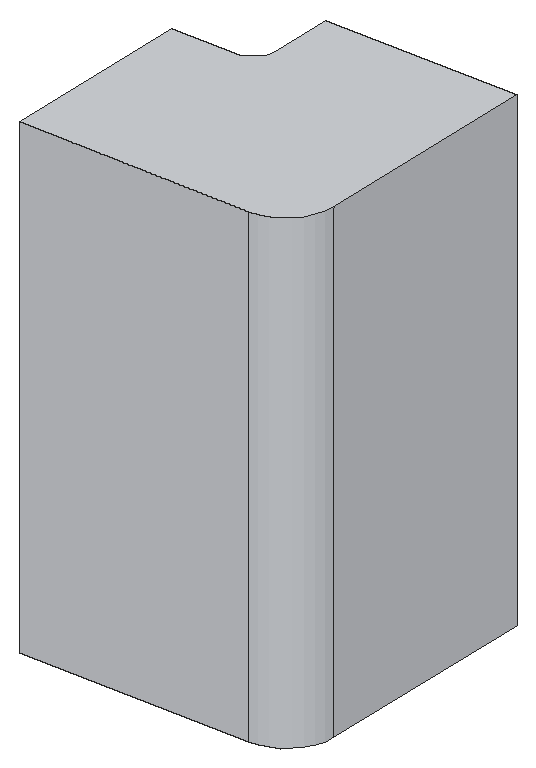
Revit family "KNS_KK_Поворот парапетный изм верт_IEK", category Соединительные детали воздуховодов, Revit 2019
Family settings
  Размер круглого соединителя = Использовать диаметр
  Тип детали = Отвод
  На основе рабочей плоскости = Нет
  Всегда вертикально = Нет
  При загрузке вырезать с полостями = Нет
  Общий = Нет
Parameters (values of type "Внешний")
  Ширина воздуховода [instance] = 40 mm
  Угол поворота = 90.00°
  Толщина [instance] = 0 mm
  Cost = 0
  Description = ""
  Изготовитель = "IEK"  # constant formula
  Длина вылета = 9 mm
  Длина от центра [instance] = (Ширина воздуховода / 2) * tan(Угол поворота / 2) + Длина вылета * tan(Угол поворота / 2) + Длина вылета  # 38 mm
  Model = ""
  Высота воздуховода [instance] = 100 mm
  URL = "https://www.iek.ru/"
  KSI_CPr_Строительные изделия = "20.2.05.06"  # constant formula
  KSI_CMa_Строительные материалы = "01.07.14"  # constant formula
  IEK_Цена с НДС [instance] = size_lookup("IEK_Поворот парапетный изменяемый вертикальный 80-100гр", "Cost", "Неправильный размер", Ширина воздуховода, Высота воздуховода, IEK_Цвет)  # "Неправильный размер"
  IEK_Цвет [instance] = "Белый"
  IEK_Срок службы = "25 лет"  # constant formula
  IEK_Поиск в таблице имен = ""
  IEK_Описание = "Поворот 90° КМП служит для соединения двух кабель-каналов одинакового типоразмера под углом 90°."
  IEK_Монтажная температура = "-15...+60 °C"  # constant formula
  IEK_Гарантийный срок = "2 года"  # constant formula
  IEK_URL [instance] = size_lookup("IEK_Поворот парапетный изменяемый вертикальный 80-100гр", "Link", "Неправильный размер", Ширина воздуховода, Высота воздуховода, IEK_Цвет)  # "Неправильный размер"
  IEK_ID [instance] = size_lookup("IEK_Поворот парапетный изменяемый вертикальный 80-100гр", "ID", "Неправильный размер", Ширина воздуховода, Высота воздуховода, IEK_Цвет)  # "Неправильный размер"
  H2 [instance] = (Ширина воздуховода / 2)  # 20 mm
  ADSK_Примечание = ""
  ADSK_Позиция = ""
  ADSK_Обозначение = "ТУ 27.33.14-004-83135016-2017"  # constant formula
  ADSK_Наименование [instance] = size_lookup("IEK_Поворот парапетный изменяемый вертикальный 80-100гр", "Name", "Неправильный размер", Ширина воздуховода, Высота воздуховода, IEK_Цвет)  # "Неправильный размер"
  ADSK_Материал обозначение = "Пластик"  # constant formula
  ADSK_Материал наименование = "ПВХ (PVC)"  # constant formula
  ADSK_Материал [instance] = none
  ADSK_Масса_Текст = ""
  ADSK_Масса [instance] = 0
  ADSK_Марка = "ПРАЙМЕР"  # constant formula
  ADSK_Код изделия [instance] = size_lookup("IEK_Поворот парапетный изменяемый вертикальный 80-100гр", "Code", "Неправильный размер", Ширина воздуховода, Высота воздуховода, IEK_Цвет)  # "Неправильный размер"
  ADSK_Завод-изготовитель = "IEK"  # constant formula
  ADSK_Единица измерения = "шт"  # constant formula
  ADSK_Группирование = "Кабельные короба"
  ADSK_Версия семейства = "1.1"  # constant formula
  ADSK_Версия Revit = "2019"  # constant formula
  ADSK_URL страницы изделия [instance] = "https://www.iek.ru/products/catalog/sistemy_dlya_prokladki_kabelya/kabel_kanaly_i_aksessuary/kabel_kanaly_magistralnye_belye_i_aksessuary/aksessuary_dlya_magistralnykh_kabel_kanalov_belye/povorot_na_90_gr_kmp_belyy/"
  ADSK_URL документации изделия = "https://www.iek.ru/upload/pictures/katalogi/ru_ru/5-catalog_kabeln_syst.pdf"
Reference planes
  plane 1 "По центру (Вперед/Назад)": y = 0
  plane 2: z = 0
  plane 3 "По центру (Влево/Вправо)": x = 0
  plane 4: y = 20
  plane 5: y = -20
  plane 6: z = 50
  plane 7: z = -50
  plane 8: x = -38
  plane 9: z = -51.7
  plane 10: z = 51.7
  plane 11: x = 20
Forms (mm)
  Sweep 1, solid, detail levels medium
    path in 3D
      loop
        line (-38, 0, 0) -> (0, 0, 0) -> (0, 38, 0)
    profile origin (-19, 0, 0) x (0, 1, 0) y (0, 0, 1)
      loop
        line (20, 50) -> (-20, 50) -> (-20, -50) -> (20, -50) -> (20, 50)
  Extrusion 2, solid, detail levels fine
    sketch origin (0, 0, 0) x (1, 0, 0) y (0, 1, 0)
      loop
        line (-38, 20) -> (-38, -20) -> (10, -20)
        arc (10, -20) -> (17.071, -17.071) -> (20, -10) r 10
        line (20, -10) -> (20, 38) -> (-20, 38) -> (-20, 25)
        arc (-20, 25) -> (-21.464, 21.464) -> (-25, 20) r 5
        line (-25, 20) -> (-38, 20)
    from -50 to 50
Lines and regions (mm)
  model lines, detail levels medium+fine
    curve 1: line (-38, 0, 0) -> (0, 0, 0)
    curve 2: line (0, 0, 0) -> (0, 38, 0)
  sketch lines
    curve 3: line (-38, 0, 0) -> (0, 0, 0)
    curve 4: line (0, 0, 0) -> (0, 38, 0)
  model lines, detail levels coarse
    curve 5: line (-38, 0, 0) -> (0, 0, 0)
    curve 6: line (0, 0, 0) -> (0, 38, 0)
Dimensions and locks
  equal spacing: plane 4, plane 1 "По центру (Вперед/Назад)", plane 5
  "Ширина воздуховода": plane 4 to plane 5
  equal spacing: plane 7, level, plane 6
  "Высота воздуховода": plane 7 to plane 6
  "Длина от центра": plane 8 to plane 3 "По центру (Влево/Вправо)"
  "Длина от центра": curve 2 to curve 2
  "Длина от центра": curve 5 to curve 5
  locked: plane 7 to plane 9 at 1.7
  locked: plane 10 to plane 6 at 1.7
  "H2": plane 3 "По центру (Влево/Вправо)" to plane 11
  "Угол поворота": angle plane 1 "По центру (Вперед/Назад)" to curve 2
  aligned and locked: level to plane 2
  aligned and locked: plane 6 to Sweep 1 sketch curve
  aligned and locked: plane 4 to Sweep 1 sketch curve
  aligned and locked: Sweep 1 sketch curve to plane 5
  aligned and locked: Sweep 1 sketch curve to plane 7
  aligned and locked: Extrusion 2 sketch curve to curve 1
  aligned and locked: Extrusion 2 sketch curve to plane 4
  aligned and locked: Extrusion 2 sketch curve to Sweep 1  (x2)
  aligned and locked: Extrusion 2 to plane 5
  aligned and locked: Extrusion 2 to plane 11
  aligned and locked: Extrusion 2 to plane 7
  aligned and locked: plane 6 to Extrusion 2
Automatic sketch dimensions
  Extrusion 2 sketch curve to plane 5 = 0 mm
  Extrusion 2 sketch curve to plane 11 = 0 mm
  Extrusion 2 sketch curve to Extrusion 2 sketch curve = 5 mm
  Extrusion 2 sketch curve to Extrusion 2 sketch curve = 10 mm
  plane 1 "По центру (Вперед/Назад)" to curve 5 = 0 mm
  curve 5 to plane 8 = 0 mm
  curve 1 to plane 8 = 0 mm
Connectors
  hvac at (-38, 0, 0), driven by "Высота воздуховода", driven by "Ширина воздуховода", driven by "Угол поворота"
    settings: on Sweep 1, index 1, duct flow 0.0 L/s, flow factor 0, pres drop 0.0 Pa, loss coef 0, conn angle 90.00°, conn width 40 mm, conn height 100 mm, conn diameter 609.6 mm, duct sys type 28, conn prof type 1, flow config 0, flow direction 0, loss method 0, conn ref index 2, conn util no, is conn primary yes, conn desc ""
  hvac at (0, 38, 0), driven by "Высота воздуховода", driven by "Ширина воздуховода", driven by "Угол поворота"
    settings: on Sweep 1, index 2, duct flow 0.0 L/s, flow factor 0, pres drop 0.0 Pa, loss coef 0, conn angle 90.00°, conn width 40 mm, conn height 100 mm, conn diameter 609.6 mm, duct sys type 28, conn prof type 1, flow config 0, flow direction 0, loss method 0, conn ref index 1, conn util no, is conn primary no, conn desc ""
